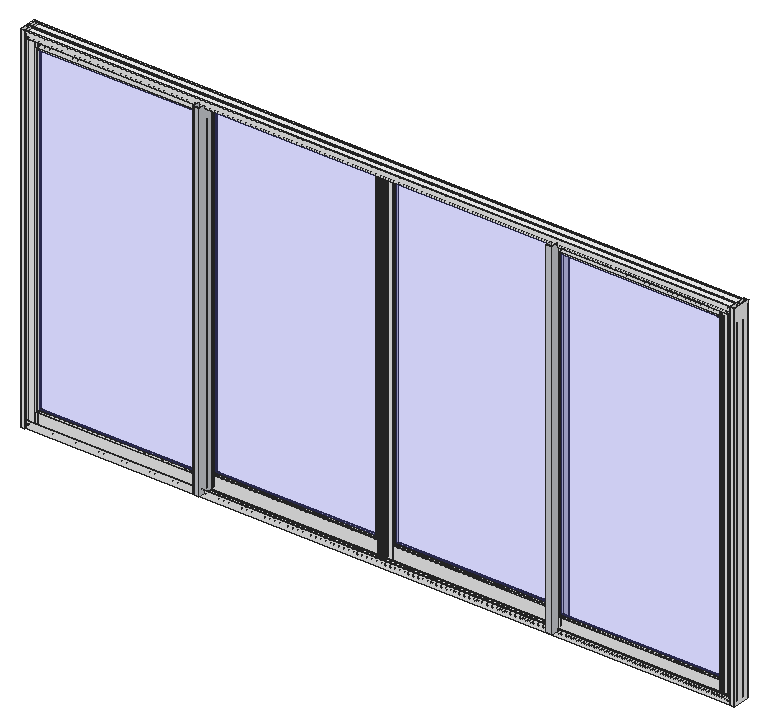
Revit family "Palace_Multi_OXXO_Standard", category Doors, host Wall, Revit 2014 (continued)
Definition of nested family "Palace_Sash_Meeting_Palace_OXXO_Std"
  Definition of nested family "Palace_Heavy_Duty_Astragal"
    Forms (mm)
      Extrusion 1, solid, material <- "Profile Material"
        sketch origin (0, 0, 0) x (1, 0, 0) y (0, 1, 0)
          loop
            line (27.153, 43.237) -> (28.153, 43.237) -> (28.153, 41.837) -> (20.653, 41.837) -> (20.653, 43.237) -> (21.653, 43.237)
            arc (21.653, 43.237) -> (22.153, 43.737) -> (21.653, 44.237) r 0.5
            line (21.653, 44.237) -> (19.853, 44.237)
            arc (19.853, 44.237) -> (18.792, 44.677) -> (18.353, 45.737) r 1.5
            line (18.353, 45.737) -> (18.353, 62.237) -> (18.353, 78.737)
            arc (18.353, 78.737) -> (18.792, 79.798) -> (19.853, 80.237) r 1.5
            line (19.853, 80.237) -> (21.653, 80.237)
            arc (21.653, 80.237) -> (22.153, 80.737) -> (21.653, 81.237) r 0.5
            line (21.653, 81.237) -> (20.653, 81.237) -> (20.653, 82.637) -> (28.153, 82.637) -> (28.153, 81.237) -> (27.153, 81.237)
            arc (27.153, 81.237) -> (26.653, 80.737) -> (27.153, 80.237) r 0.5
            line (27.153, 80.237) -> (28.653, 80.237)
            arc (28.653, 80.237) -> (29.36, 80.53) -> (29.653, 81.237) r 1
            line (29.653, 81.237) -> (29.653, 99.437)
            arc (29.653, 99.437) -> (28.053, 104.237) -> (29.653, 109.037) r 8
            line (29.653, 109.037) -> (29.653, 117.237)
            arc (29.653, 117.237) -> (29.067, 118.651) -> (27.653, 119.237) r 2
            line (27.653, 119.237) -> (8.653, 119.237)
            arc (8.653, 119.237) -> (7.239, 118.651) -> (6.653, 117.237) r 2
            line (6.653, 117.237) -> (6.653, 109.037)
            arc (6.653, 109.037) -> (8.253, 104.237) -> (6.653, 99.437) r 8
          loop
            line (8.253, 98.931) -> (8.253, 84.237) -> (28.053, 84.237) -> (28.053, 98.931)
            arc (28.053, 98.931) -> (26.453, 104.237) -> (28.053, 109.544) r 9.6
            line (28.053, 109.544) -> (28.053, 114.737)
            arc (28.053, 114.737) -> (27.76, 115.444) -> (27.053, 115.737) r 1
            line (27.053, 115.737) -> (9.253, 115.737)
            arc (9.253, 115.737) -> (8.546, 115.444) -> (8.253, 114.737) r 1
            line (8.253, 114.737) -> (8.253, 109.544)
            arc (8.253, 109.544) -> (9.853, 104.237) -> (8.253, 98.931) r 9.6
          loop
            line (8.253, 14.931) -> (8.253, 9.737)
            arc (8.253, 9.737) -> (8.546, 9.03) -> (9.253, 8.737) r 1
            line (9.253, 8.737) -> (27.053, 8.737)
            arc (27.053, 8.737) -> (27.76, 9.03) -> (28.053, 9.737) r 1
            line (28.053, 9.737) -> (28.053, 14.931)
            arc (28.053, 14.931) -> (26.453, 20.237) -> (28.053, 25.544) r 9.6
            line (28.053, 25.544) -> (28.053, 40.237) -> (8.253, 40.237) -> (8.253, 25.544)
            arc (8.253, 25.544) -> (9.853, 20.237) -> (8.253, 14.931) r 9.6
        from 0 to 250 <- "Length Heavy Duty Astragal"
    Dimensions and locks
      aligned and locked: level to plane 2
  Definition of nested family "Palace_Astragal"
    Parameters (values of type "Palace_Astragal")
      Profile Material [instance] = none
      Length Astragal [instance] = 250 mm
    Reference planes
      plane 1 "Center (Front/Back)": y = 0
      plane 2: z = 0
      plane 3 "Center (Left/Right)": x = 0
    Forms (mm)
      Extrusion 1, solid, material <- "Profile Material"
        sketch origin (0, 0, 0) x (1, 0, 0) y (0, 1, 0)
          loop
            line (28.151, 56.967) -> (29.951, 56.967)
            arc (29.951, 56.967) -> (30.451, 57.467) -> (29.951, 57.967) r 0.5
            line (29.951, 57.967) -> (28.951, 57.967) -> (28.951, 59.367) -> (36.451, 59.367) -> (36.451, 57.967) -> (35.451, 57.967)
            arc (35.451, 57.967) -> (34.951, 57.467) -> (35.451, 56.967) r 0.5
            line (35.451, 56.967) -> (36.951, 56.967)
            arc (36.951, 56.967) -> (37.658, 57.259) -> (37.951, 57.967) r 1
            line (37.951, 57.967) -> (37.951, 60.966) -> (14.151, 60.966) -> (14.151, 59.367) -> (14.951, 59.367) -> (14.951, 53.767) -> (16.551, 53.767) -> (16.551, 59.367) -> (24.051, 59.367)
            arc (24.051, 59.367) -> (24.758, 59.074) -> (25.051, 58.367) r 1
            line (25.051, 58.367) -> (25.051, 55.667) -> (24.151, 55.667)
            arc (24.151, 55.667) -> (23.551, 55.067) -> (24.151, 54.467) r 0.6
            line (24.151, 54.467) -> (25.051, 54.467) -> (25.051, 38.967) -> (25.051, 23.467) -> (24.151, 23.467)
            arc (24.151, 23.467) -> (23.551, 22.867) -> (24.151, 22.267) r 0.6
            line (24.151, 22.267) -> (25.051, 22.267) -> (25.051, 19.567)
            arc (25.051, 19.567) -> (24.758, 18.859) -> (24.051, 18.567) r 1
            line (24.051, 18.567) -> (16.551, 18.567) -> (16.551, 24.167) -> (14.951, 24.167) -> (14.951, 18.567) -> (14.151, 18.567) -> (14.151, 16.967) -> (37.951, 16.967) -> (37.951, 19.967)
            arc (37.951, 19.967) -> (37.658, 20.674) -> (36.951, 20.967) r 1
            line (36.951, 20.967) -> (35.451, 20.967)
            arc (35.451, 20.967) -> (34.951, 20.467) -> (35.451, 19.967) r 0.5
            line (35.451, 19.967) -> (36.451, 19.967) -> (36.451, 18.567) -> (28.951, 18.567) -> (28.951, 19.967) -> (29.951, 19.967)
            arc (29.951, 19.967) -> (30.451, 20.467) -> (29.951, 20.967) r 0.5
            line (29.951, 20.967) -> (28.151, 20.967)
            arc (28.151, 20.967) -> (27.09, 21.406) -> (26.651, 22.467) r 1.5
            line (26.651, 22.467) -> (26.651, 38.967) -> (26.651, 55.467)
            arc (26.651, 55.467) -> (27.09, 56.527) -> (28.151, 56.967) r 1.5
        from 0 to 250 <- "Length Astragal"
    Dimensions and locks
      aligned and locked: level to plane 2
Definition of nested family "Single_Glazing_Palace_OXXO_Std"
  Parameters (values of type "Single_Glazing")
    Glazing Width [instance] = 900 mm
    Glazing Height [instance] = 900 mm
    Right Sliding [instance] = yes
    Length Arrow Tip [instance] = if((Glazing Height - (2 * 50.3 mm)) / 8 > Length Arrow / 3.3, Length Arrow / 3.3, (Glazing Height - (2 * 50.3 mm)) / 8)  # 80.747 mm
    Length Arrow [instance] = (Glazing Width - (2 * 50.3 mm)) / 3  # 266.467 mm
    Left Sliding [instance] = yes
    Is Sliding [instance] = if(or(Right Sliding, Left Sliding), 1 = 1, 1 = 2)  # yes
    Glazing Thickness SG [instance] = 4 mm
    Glazing Material [instance] = Glass
    Double Glazing Gasket Material [instance] = none
    Arrow Tip Length [instance] = if((Glazing Height - (2 * 50.3 mm)) / 8 > Length Arrow / 3.3, Length Arrow / 3.3, (Glazing Height - (2 * 50.3 mm)) / 8)  # 80.747 mm
    Arrow Tip Angle = 45.00°  # constant formula
    Arrow Left Gap [instance] = (Glazing Width - Length Arrow) / 2  # 316.767 mm
    Arrow Bottom Gap [instance] = Glazing Height / 2  # 450 mm
  Reference planes
    plane 1 "Center (Front/Back)": y = 0
    plane 2: z = 0
    plane 3 "Center (Left/Right)": x = 0
  Forms (mm)
    Extrusion 1, solid, material "Glass" <- "Glazing Material"
      sketch origin (0, 0, 0) x (1, 0, 0) y (0, 0, 1)
        loop
          line (0, 0) -> (0, 900) -> (-900, 900) -> (-900, 0) -> (0, 0)
      from 0 to 4 <- "Glazing Thickness SG"
  Lines and regions (mm)
    model lines, visible <- "Is Sliding"
      curve 1: line (-583.233, -4, 450) -> (-316.767, -4, 450)
    model lines, visible <- "Left Sliding"
      curve 2: line (-316.767, -4, 450) -> (-373.864, -4, 507.097)
      curve 3: line (-316.767, -4, 450) -> (-373.864, -4, 392.903)
    model lines, visible <- "Right Sliding"
      curve 4: line (-583.233, -4, 450) -> (-526.136, -4, 507.097)
      curve 5: line (-583.233, -4, 450) -> (-526.136, -4, 392.903)
  Dimensions and locks
    "Length Arrow": curve 1 to curve 1
    "Arrow Left Gap": plane 3 "Center (Left/Right)" to curve 1
    "Arrow Bottom Gap": level to curve 1
    "Arrow Tip Length": curve 3 to curve 2
    "Arrow Tip Length": curve 3 to curve 3
    "Length Arrow Tip": curve 5 to curve 5
    "Length Arrow Tip": curve 5 to curve 4
    "Glazing Width": plane 3 "Center (Left/Right)" to Extrusion 1 sketch curve
    "Glazing Height": Extrusion 1 sketch curve to level
    "Arrow Tip Angle": angle curve 3 to curve 1
    "Arrow Tip Angle": angle curve 1 to curve 2
    "Arrow Tip Angle": angle curve 4 to curve 1
    "Arrow Tip Angle": angle curve 1 to curve 5
    aligned and locked: level to plane 2
    aligned and locked: Extrusion 1 sketch curve to plane 3 "Center (Left/Right)"
    aligned and locked: level to Extrusion 1 sketch curve
Types (37, lengths in mm): name | Windload Design | Width Sash Side | Width Sash Middle | Width | Toughened Safety U Value | Toughened Safety SHGC Value | Sash Width Middle | Sash Width Sides | Sash Height | Overall Width | Overall Height | Meeting Stile Configuration | Max Pane Area | Limit Door Width Max | Limit Sash Width Side Min | Limit Sash Width Side Max | Intruderprufe U Value | Intruderprufe SHGC Value | Intruderprufe LowE U Value | Intruderprufe LowE SHGC Value | Intruderprufe Insulated U Value | Intruderprufe Insulated SHGC Value | Intruderprufe Insulated LowE U Value | Intruderprufe Insulated LowE SHGC Value | Interlock Configuration | Height Sash | Height | Glazing Thickness SG | Custom Door Width | Custom Door Height | Custom Windload | Area Middle Sash Glazing | Area Side Sash Glazing
  (no name) | 2000 | 1200.5 | 1200.5 | 4790 | 6.02 | 0.725 | 1200.5 | 1200.5 | 2331 | 4790 | 2390 | 1 | 2.38383 m² | 4790 | 901 | 1500 | 7.9 | 0 | 7.9 | 0 | 3.4 | 0.59 | 2.77 | 0.533 | 1 | 2331 | 2390 | 6.4 | 5990 | 2390 | 2000 | 2.38383 m² | 2.38383 m²
  Palace-3021OXXO-1000Pa | 1000 | 750.5 | 750.5 | 2990 | 6 | 0.68 | 750.5 | 750.5 | 2031 | 2990 | 2090 | 0 | 1.20798 m² | 5990 | 300 | 1201 | 5.89 | 0.638 | 4.57 | 0.565 | 3.63 | 0.553 | 3.07 | 0.501 | 0 | 2031 | 2090 | 4 | 2990 | 2090 | 1000 | 1.20798 m² | 1.20798 m²
  Palace-3021OXXO-1500Pa | 1500 | 750.5 | 750.5 | 2990 | 6 | 0.68 | 750.5 | 750.5 | 2031 | 2990 | 2090 | 1 | 1.20798 m² | 5990 | 300 | 1201 | 5.89 | 0.638 | 4.57 | 0.565 | 3.63 | 0.553 | 3.07 | 0.501 | 1 | 2031 | 2090 | 4 | 2990 | 2090 | 1500 | 1.20798 m² | 1.20798 m²
  Palace-3021OXXO-2000Pa | 2000 | 750.5 | 750.5 | 2990 | 6 | 0.68 | 750.5 | 750.5 | 2031 | 2990 | 2090 | 1 | 1.20798 m² | 5990 | 300 | 1201 | 5.89 | 0.638 | 4.57 | 0.565 | 3.63 | 0.553 | 3.07 | 0.501 | 1 | 2031 | 2090 | 4 | 2990 | 2090 | 2000 | 1.20798 m² | 1.20798 m²
  Palace-3621OXXO-1000Pa | 1000 | 750.5 | 750.5 | 3590 | 6.01 | 0.691 | 900.5 | 900.5 | 2031 | 2990 | 2090 | 0 | 1.49088 m² | 5990 | 301 | 1500 | 5.9 | 0.649 | 4.52 | 0.574 | 3.58 | 0.562 | 2.99 | 0.508 | 0 | 2031 | 2090 | 4 | 3590 | 2090 | 1000 | 1.49088 m² | 1.49088 m²
  Palace-3621OXXO-1500Pa | 1500 | 750.5 | 750.5 | 3590 | 6.01 | 0.691 | 900.5 | 900.5 | 2031 | 2990 | 2090 | 1 | 1.49088 m² | 5990 | 301 | 1500 | 5.9 | 0.649 | 4.52 | 0.574 | 3.58 | 0.562 | 2.99 | 0.508 | 1 | 2031 | 2090 | 4 | 3590 | 2090 | 1500 | 1.49088 m² | 1.49088 m²
  Palace-3621OXXO-2000Pa | 2000 | 750.5 | 750.5 | 3590 | 6.01 | 0.691 | 900.5 | 900.5 | 2031 | 2990 | 2090 | 1 | 1.49088 m² | 5990 | 301 | 1500 | 5.9 | 0.649 | 4.52 | 0.574 | 3.58 | 0.562 | 2.99 | 0.508 | 1 | 2031 | 2090 | 4 | 3590 | 2090 | 2000 | 1.49088 m² | 1.49088 m²
  Palace-4221OXXO-1000Pa | 1000 | 750.5 | 750.5 | 4190 | 6.02 | 0.699 | 1050.5 | 1050.5 | 2031 | 2990 | 2090 | 1 | 1.77378 m² | 5990 | 601 | 1500 | 5.91 | 0.656 | 4.48 | 0.58 | 3.54 | 0.569 | 2.94 | 0.514 | 1 | 2031 | 2090 | 5 | 4190 | 2090 | 1000 | 1.77378 m² | 1.77378 m²
  Palace-4221OXXO-1500Pa | 1500 | 750.5 | 750.5 | 4190 | 6.02 | 0.699 | 1050.5 | 1050.5 | 2031 | 2990 | 2090 | 1 | 1.77378 m² | 5990 | 601 | 1500 | 5.91 | 0.656 | 4.48 | 0.58 | 3.54 | 0.569 | 2.94 | 0.514 | 1 | 2031 | 2090 | 5 | 4190 | 2090 | 1500 | 1.77378 m² | 1.77378 m²
  Palace-4221OXXO-2000Pa | 2000 | 1050.5 | 1050.5 | 4190 | 6.02 | 0.699 | 1050.5 | 1050.5 | 2031 | 4190 | 2090 | 1 | 1.77378 m² | 5990 | 601 | 1500 | 5.91 | 0.656 | 4.48 | 0.58 | 3.54 | 0.569 | 2.94 | 0.514 | 1 | 2031 | 2090 | 5 | 4190 | 2090 | 2000 | 1.77378 m² | 1.77378 m²
  Palace-4821OXXO-1000Pa | 1000 | 750.5 | 750.5 | 4790 | 6.03 | 0.705 | 1200.5 | 1200.5 | 2031 | 2990 | 2090 | 1 | 2.05668 m² | 5990 | 901 | 1500 | 5.92 | 0.662 | 4.46 | 0.585 | 3.51 | 0.574 | 2.9 | 0.518 | 1 | 2031 | 2090 | 5 | 4790 | 2090 | 1000 | 2.05668 m² | 2.05668 m²
  Palace-4821OXXO-1500Pa | 1500 | 750.5 | 750.5 | 4790 | 6.03 | 0.705 | 1200.5 | 1200.5 | 2031 | 2990 | 2090 | 1 | 2.05668 m² | 5990 | 901 | 1500 | 5.92 | 0.662 | 4.46 | 0.585 | 3.51 | 0.574 | 2.9 | 0.518 | 1 | 2031 | 2090 | 5 | 4790 | 2090 | 1500 | 2.05668 m² | 2.05668 m²
  Palace-4821OXXO-2000Pa | 2000 | 750.5 | 750.5 | 4790 | 6.03 | 0.705 | 1200.5 | 1200.5 | 2031 | 2990 | 2090 | 1 | 2.05668 m² | 5990 | 901 | 1500 | 5.92 | 0.662 | 4.46 | 0.585 | 3.51 | 0.574 | 2.9 | 0.518 | 1 | 2031 | 2090 | 5 | 4790 | 2090 | 2000 | 2.05668 m² | 2.05668 m²
  Palace-5421OXXO-1000Pa | 1000 | 750.5 | 750.5 | 5390 | 6.03 | 0.709 | 1350.5 | 1350.5 | 2031 | 2990 | 2090 | 1 | 2.33958 m² | 5990 | 1201 | 1500 | 5.93 | 0.666 | 4.43 | 0.589 | 3.49 | 0.577 | 2.87 | 0.521 | 1 | 2031 | 2090 | 6.4 | 5390 | 2090 | 1000 | 2.33958 m² | 2.33958 m²
  Palace-5421OXXO-1500Pa | 1500 | 750.5 | 750.5 | 5390 | 6.03 | 0.709 | 1350.5 | 1350.5 | 2031 | 2990 | 2090 | 1 | 2.33958 m² | 5990 | 1201 | 1500 | 5.93 | 0.666 | 4.43 | 0.589 | 3.49 | 0.577 | 2.87 | 0.521 | 1 | 2031 | 2090 | 6.4 | 5390 | 2090 | 1500 | 2.33958 m² | 2.33958 m²
  Palace-5421OXXO-2000Pa | 2000 | 750.5 | 750.5 | 5390 | 6.03 | 0.709 | 1350.5 | 1350.5 | 2031 | 2990 | 2090 | 1 | 2.33958 m² | 5990 | 1201 | 1500 | 5.93 | 0.666 | 4.43 | 0.589 | 3.49 | 0.577 | 2.87 | 0.521 | 1 | 2031 | 2090 | 6.4 | 5390 | 2090 | 2000 | 2.33958 m² | 2.33958 m²
  Palace-6021OXXO-1000Pa | 1000 | 750.5 | 750.5 | 5990 | 6.04 | 0.713 | 1500.5 | 1500.5 | 2031 | 2990 | 2090 | 1 | 2.62248 m² | 5990 | 1501 | 1500 | 7.9 | 0 | 7.9 | 0 | 3.47 | 0.58 | 2.85 | 0.524 | 1 | 2031 | 2090 | 6.4 | 5990 | 2090 | 1000 | 2.62248 m² | 2.62248 m²
  Palace-6021OXXO-1500Pa | 1500 | 750.5 | 750.5 | 5990 | 6.04 | 0.713 | 1500.5 | 1500.5 | 2031 | 2990 | 2090 | 1 | 2.62248 m² | 5990 | 1501 | 1500 | 7.9 | 0 | 7.9 | 0 | 3.47 | 0.58 | 2.85 | 0.524 | 1 | 2031 | 2090 | 6.4 | 5990 | 2090 | 1500 | 2.62248 m² | 2.62248 m²
  Palace-6021OXXO-2000Pa | 2000 | 1500.5 | 1500.5 | 5990 | 6.04 | 0.713 | 1500.5 | 1500.5 | 2031 | 5990 | 2090 | 1 | 2.62248 m² | 5990 | 1501 | 1500 | 7.9 | 0 | 7.9 | 0 | 3.47 | 0.58 | 2.85 | 0.524 | 1 | 2031 | 2090 | 6.4 | 5990 | 2090 | 2000 | 2.62248 m² | 2.62248 m²
  Palace-3024OXXO-1000Pa | 1000 | 1500.5 | 1500.5 | 2990 | 5.98 | 0.692 | 750.5 | 750.5 | 2331 | 5990 | 2090 | 1 | 1.40013 m² | 5990 | 300 | 1201 | 5.87 | 0.65 | 4.52 | 0.574 | 3.57 | 0.563 | 2.99 | 0.509 | 1 | 2031 | 2390 | 4 | 2990 | 2390 | 1000 | 1.40013 m² | 1.40013 m²
  Palace-3024OXXO-1500Pa | 1500 | 1500.5 | 1500.5 | 2990 | 5.98 | 0.692 | 750.5 | 750.5 | 2331 | 5990 | 2090 | 1 | 1.40013 m² | 5990 | 300 | 1201 | 5.87 | 0.65 | 4.52 | 0.574 | 3.57 | 0.563 | 2.99 | 0.509 | 1 | 2031 | 2390 | 4 | 2990 | 2390 | 1500 | 1.40013 m² | 1.40013 m²
  Palace-3024OXXO-2000Pa | 2000 | 1500.5 | 1500.5 | 2990 | 5.98 | 0.692 | 750.5 | 750.5 | 2331 | 5990 | 2090 | 1 | 1.40013 m² | 4790 | 300 | 1201 | 5.87 | 0.65 | 4.52 | 0.574 | 3.57 | 0.563 | 2.99 | 0.509 | 1 | 2031 | 2390 | 4 | 2990 | 2390 | 2000 | 1.40013 m² | 1.40013 m²
  Palace-3624OXXO-1000Pa | 1000 | 1500.5 | 1500.5 | 3590 | 5.99 | 0.703 | 900.5 | 900.5 | 2331 | 5990 | 2090 | 1 | 1.72803 m² | 5990 | 301 | 1500 | 5.89 | 0.66 | 4.46 | 0.584 | 3.51 | 0.572 | 2.92 | 0.517 | 1 | 2031 | 2390 | 5 | 3590 | 2390 | 1000 | 1.72803 m² | 1.72803 m²
  Palace-3624OXXO-1500Pa | 1500 | 1500.5 | 1500.5 | 3590 | 5.99 | 0.703 | 900.5 | 900.5 | 2331 | 5990 | 2090 | 1 | 1.72803 m² | 5990 | 301 | 1500 | 5.89 | 0.66 | 4.46 | 0.584 | 3.51 | 0.572 | 2.92 | 0.517 | 1 | 2031 | 2390 | 5 | 3590 | 2390 | 1500 | 1.72803 m² | 1.72803 m²
  Palace-3624OXXO-2000Pa | 2000 | 1500.5 | 1500.5 | 3590 | 5.99 | 0.703 | 900.5 | 900.5 | 2331 | 5990 | 2090 | 1 | 1.72803 m² | 4790 | 301 | 1500 | 5.89 | 0.66 | 4.46 | 0.584 | 3.51 | 0.572 | 2.92 | 0.517 | 1 | 2031 | 2390 | 5 | 3590 | 2390 | 2000 | 1.72803 m² | 1.72803 m²
  Palace-4224OXXO-1000Pa | 1000 | 750.5 | 750.5 | 4190 | 6 | 0.711 | 1050.5 | 1050.5 | 2331 | 2990 | 2090 | 1 | 2.05593 m² | 5990 | 601 | 1500 | 5.89 | 0.668 | 4.42 | 0.59 | 3.47 | 0.579 | 2.86 | 0.523 | 1 | 2031 | 2390 | 5 | 4190 | 2390 | 1000 | 2.05593 m² | 2.05593 m²
  Palace-4224OXXO-1500Pa | 1500 | 750.5 | 750.5 | 4190 | 6 | 0.711 | 1050.5 | 1050.5 | 2331 | 2990 | 2090 | 1 | 2.05593 m² | 5990 | 601 | 1500 | 5.89 | 0.668 | 4.42 | 0.59 | 3.47 | 0.579 | 2.86 | 0.523 | 1 | 2031 | 2390 | 5 | 4190 | 2390 | 1500 | 2.05593 m² | 2.05593 m²
  Palace-4224OXXO-2000Pa | 2000 | 750.5 | 750.5 | 4190 | 6 | 0.711 | 1050.5 | 1050.5 | 2331 | 2990 | 2090 | 1 | 2.05593 m² | 4790 | 601 | 1500 | 5.89 | 0.668 | 4.42 | 0.59 | 3.47 | 0.579 | 2.86 | 0.523 | 1 | 2031 | 2390 | 5 | 4190 | 2390 | 2000 | 2.05593 m² | 2.05593 m²
  Palace-4824OXXO-1000Pa | 1000 | 750.5 | 750.5 | 4790 | 6.01 | 0.717 | 1200.5 | 1200.5 | 2331 | 2990 | 2090 | 1 | 2.38383 m² | 5990 | 901 | 1500 | 5.9 | 0.674 | 4.39 | 0.595 | 3.44 | 0.584 | 2.82 | 0.527 | 1 | 2031 | 2390 | 6.4 | 4790 | 2390 | 1000 | 2.38383 m² | 2.38383 m²
  Palace-4824OXXO-1500Pa | 1500 | 750.5 | 750.5 | 4790 | 6.01 | 0.717 | 1200.5 | 1200.5 | 2331 | 2990 | 2090 | 1 | 2.38383 m² | 5990 | 901 | 1500 | 5.9 | 0.674 | 4.39 | 0.595 | 3.44 | 0.584 | 2.82 | 0.527 | 1 | 2031 | 2390 | 6.4 | 4790 | 2390 | 1500 | 2.38383 m² | 2.38383 m²
  Palace-4824OXXO-2000Pa | 2000 | 750.5 | 750.5 | 4790 | 6.01 | 0.717 | 1200.5 | 1200.5 | 2331 | 2990 | 2090 | 1 | 2.38383 m² | 4790 | 901 | 1500 | 5.9 | 0.674 | 4.39 | 0.595 | 3.44 | 0.584 | 2.82 | 0.527 | 1 | 2031 | 2390 | 6.4 | 4790 | 2390 | 2000 | 2.38383 m² | 2.38383 m²
  Palace-5424OXXO-1000Pa | 1000 | 750.5 | 750.5 | 5390 | 0.601 | 0.722 | 1350.5 | 1350.5 | 2331 | 2990 | 2090 | 1 | 2.71173 m² | 5990 | 1201 | 1500 | 7.9 | 0 | 7.9 | 0 | 3.42 | 0.587 | 2.79 | 0.53 | 1 | 2031 | 2390 | 6.4 | 5390 | 2390 | 1000 | 2.71173 m² | 2.71173 m²
  Palace-5424OXXO-1500Pa | 1500 | 750.5 | 750.5 | 5390 | 0.601 | 0.722 | 1350.5 | 1350.5 | 2331 | 2990 | 2090 | 1 | 2.71173 m² | 5990 | 1201 | 1500 | 7.9 | 0 | 7.9 | 0 | 3.42 | 0.587 | 2.79 | 0.53 | 1 | 2031 | 2390 | 6.4 | 5390 | 2390 | 1500 | 2.71173 m² | 2.71173 m²
  Palace-5424OXXO-2000Pa | 2000 | 750.5 | 750.5 | 4790 | 0.601 | 0.722 | 1200.5 | 1200.5 | 2331 | 2990 | 2090 | 1 | 2.38383 m² | 4790 | 901 | 1500 | 7.9 | 0 | 7.9 | 0 | 3.42 | 0.587 | 2.79 | 0.53 | 1 | 2031 | 2390 | 6.4 | 5390 | 2390 | 2000 | 2.38383 m² | 2.38383 m²
  Palace-6024OXXO-1000Pa | 1000 | 750.5 | 750.5 | 5990 | 6.02 | 0.725 | 1500.5 | 1500.5 | 2331 | 2990 | 2090 | 1 | 3.03963 m² | 5990 | 1501 | 1500 | 7.9 | 0 | 7.9 | 0 | 3.4 | 0.59 | 2.77 | 0.533 | 1 | 2031 | 2390 | 8 | 5990 | 2390 | 1000 | 3.03963 m² | 3.03963 m²
  Palace-6024OXXO-1500Pa | 1500 | 750.5 | 750.5 | 5990 | 6.02 | 0.725 | 1500.5 | 1500.5 | 2331 | 2990 | 2090 | 1 | 3.03963 m² | 5990 | 1501 | 1500 | 7.9 | 0 | 7.9 | 0 | 3.4 | 0.59 | 2.77 | 0.533 | 1 | 2031 | 2390 | 8 | 5990 | 2390 | 1500 | 3.03963 m² | 3.03963 m²
  Palace-6024OXXO-2000Pa | 2000 | 1200.5 | 1200.5 | 4790 | 6.02 | 0.725 | 1200.5 | 1200.5 | 2331 | 4790 | 2390 | 1 | 2.38383 m² | 4790 | 901 | 1500 | 7.9 | 0 | 7.9 | 0 | 3.4 | 0.59 | 2.77 | 0.533 | 1 | 2331 | 2390 | 6.4 | 5990 | 2390 | 2000 | 2.38383 m² | 2.38383 m²
